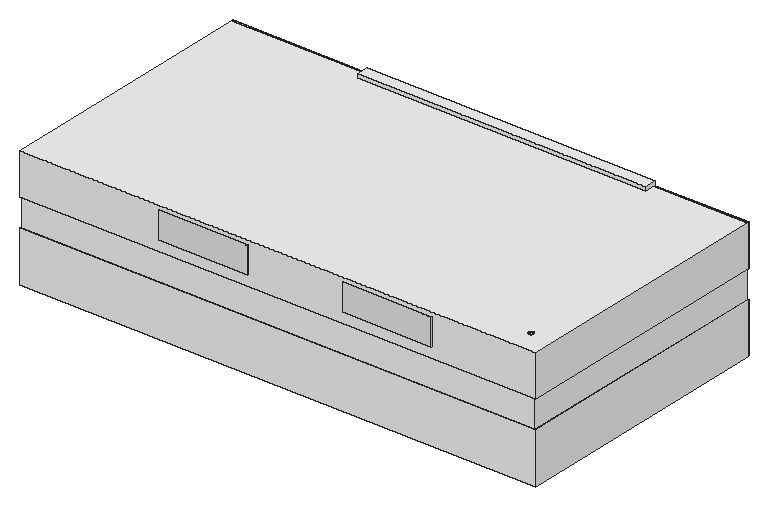
Revit family "BLAUBERG-CIVIC_EC_DB_1000", category Mechanical Equipment, Revit 2019
Family settings
  Round Connector Dimension = Use Diameter
  Classification = None
  Part Type = Normal
  OmniClass Number = 23.75.35.14
  OmniClass Title = Air Handling Units
  Work Plane-Based = No
  Always vertical = Yes
  Cut with Voids When Loaded = No
  Shared = No
  Room Calculation Point = No
Parameters (values of type "CIVIC EC DB 1000 S21")
  osW = 658 mm
  osH = 168 mm
  osBack = 408 mm
  ofW = 400 mm
  ofRightCenter = ofRight + ofW / 2  # 670 mm
  ofRight = 470 mm
  ofLeftCenter = ofLeft + ofW / 2  # 828 mm
  ofLeft = 628 mm
  ofH = 120 mm
  dW = 5 mm  # constant formula
  dL = 5 mm  # constant formula
  Weight = 267.00 kg
  WRightPart = 423 mm
  WLeftPart = 603 mm
  W2 = 1764 mm
  W1 = 194 mm
  W = 2327 mm
  Voltage = 400 V
  URL = "https://blaubergventilatoren.de/en/product/civic-ec-db-1000-s21"
  Type Comments = "Single-room ventilation unit  CIVIC EC DB 1000 S21"
  Transported Air Temperature (°C) = "–25 …+40"
  Supply Air Filter = "G4x2 + (option: F7 x 2)"
  Sound Pressure Level at 3 m (dBA) = 25
  Sound Pressure Level at 1 m (dBA) = 35
  SEC Class = "A+"
  Reheater power = 0 W
  RPM (min-1) = 2070
  Preheater power = 0 W
  Power Factor = 1
  Power = Maximum Unit Power Without Electric Heater + Preheater power + Reheater power  # 260 W
  Number of Poles = 3
  Model = "CIVIC EC DB 1000 S21"
  Maximum Unit Power Without Electric Heater = 260 W
  Maximum Unit Current Without Electric Heater = 1.85 A
  Maximum Unit Current With Electric Heater = 1.85 A
  Maximum Air Flow = 1000 m³/h
  Manufacturer = "Blauberg"
  Maintenance Zone Material = Maintenance Zone
  Maintenance Zone Height = 600 mm
  Maintenance Zone [instance] = no
  Load Classification = HVAC
  L1 = 1242 mm
  L = 1202 mm
  Ht = 188 mm
  Heat recovery efficiency (%) = "83..93"
  Heat Exchanger Type = "counter-flow"
  Hc = H - Ht - Hb  # 125 mm
  Hb = 229 mm
  H2 = 219 mm
  H1 = 559 mm
  H = 542 mm
  Grid Material = Grid Cross
  Family Version = "1.0"  # constant formula
  Extract Air Filter = "G4x2"
  Duct Connection Diameter = 315 mm
  Drain Flow [instance] = 0.0 L/s
  Drain Connection Diameter = 8 mm
  Description = "Single-room ventilation unit"
  D1 = 312 mm
  Current = Maximum Unit Current With Electric Heater  # 1.85 A
  Copyright = "©Blauberg"
  Casing Material = Painted Steel White
  Apparent Power [instance] = Power / Power Factor  # 260 VA
  Air Flow [instance] = 0 m³/h
  Air Direction Symbol [instance] = yes
Types (3, lengths in mm): name | Weight | URL | Type Comments | Reheater power | Preheater power | Power | Model | Maximum Unit Current With Electric Heater | Current | Apparent Power
  CIVIC EC DB 1000 S21 | 267.00 kg | "https://blaubergventilatoren.de/en/product/civic-ec-db-1000-s21" | "Single-room ventilation unit  CIVIC EC DB 1000 S21" | 0 W | 0 W | 260 W | "CIVIC EC DB 1000 S21" | 1.85 A | 1.85 A | 260 VA
  CIVIC EC DBE 1000 S21 | 271.00 kg | "https://blaubergventilatoren.de/en/product/civic-ec-dbe-1000-s21" | "Single-room ventilation unit  CIVIC EC DBE 1000 S21" | 0 W | 6300 W | 6560 W | "CIVIC EC DBE 1000 S21" | 11.2 A | 11.2 A | 6560 VA
  CIVIC EC DBE2 1000 S21 | 275.00 kg | "https://blaubergventilatoren.de/en/product/civic-ec-dbe2-1000-s21" | "Single-room ventilation unit  CIVIC EC DBE2 1000 S21" | 6300 W | 6300 W | 12860 W | "CIVIC EC DBE2 1000 S21" | 20.5 A | 20.5 A | 12860 VA
Reference planes
  plane 1 "Center (Front/Back)": y = 0
  plane 2: z = 0
  plane 3 "Center (Left/Right)": x = 0
  plane 4: x = -1158.5
  plane 5: x = 1163.5
  plane 6 "Front": y = -1202
  plane 7 "SideLeft": x = -1163.5
  plane 8 "SideOpeningRight": x = 1158.5
  plane 9: y = -5
  plane 10: y = -1197
  plane 11: z = 229
  plane 12: z = 354
  plane 13: z = 559
  plane 14: y = -601
  plane 15 "DuctConLeft": x = -794.5
  plane 16 "DuctConRight": x = 969.5
  plane 17: y = 40
  plane 18 "DuctConHeight": z = 323
  plane 19: z = -600
  plane 20 "FrontGrillCenterHeight": z = 462
  plane 21: z = 402
  plane 22: z = 522
  plane 23: x = -535.5
  plane 24: x = -135.5
  plane 25: z = 364
  plane 26: z = 532
  plane 27: y = -408
  plane 28: y = -1066
  plane 29 "DrainConSide": x = 723.5
  plane 30 "DrainConHeight": z = 54
  plane 31 "Top": z = 542
  plane 32: y = -50
  plane 33: x = 293.5
  plane 34: x = 693.5
  plane 35 "SideGrillCenterHeight": z = 448
  plane 36 "LeftSection": x = -560.5
  plane 37 "RightSection": x = 740.5
  plane 38 "ElecticConW": x = 1063.5
  plane 39 "ElecticConL": y = -1102
Forms (mm)
  Extrusion 1, solid, material "Painted Steel White" <- "Casing Material", detail levels medium+fine
    sketch origin (0, 0, 0) x (1, 0, 0) y (0, 1, 0)
      loop
        line (-1163.5, -5) -> (-1163.5, -1202) -> (1163.5, -1202) -> (1163.5, -5) -> (-1163.5, -5)
    from 0 to 229
  Extrusion 2, solid, material "Painted Steel White" <- "Casing Material", detail levels medium+fine
    sketch origin (0, 0, 0) x (1, 0, 0) y (0, 1, 0)
      loop
        line (-1163.5, -5) -> (-1163.5, -1202) -> (1163.5, -1202) -> (1163.5, -5) -> (-1163.5, -5)
    from 354 to 542
  Extrusion 3, solid, material "Painted Steel White" <- "Casing Material", detail levels medium+fine
    sketch origin (0, 0, 0) x (1, 0, 0) y (0, 1, 0)
      loop
        line (-1158.5, -5) -> (-1158.5, -1197) -> (1158.5, -1197) -> (1158.5, -5) -> (-1158.5, -5)
    from 229 to 354
  Extrusion 4, solid, material "Grid Cross" <- "Grid Material", detail levels medium+fine
    sketch origin (0, -1202, 0) x (-1, 0, 0) y (0, 0, 1)
      loop
        line (535.5, 402) -> (535.5, 522) -> (135.5, 522) -> (135.5, 402) -> (535.5, 402)
      loop
        line (-293.5, 402) -> (-293.5, 522) -> (-693.5, 522) -> (-693.5, 402) -> (-293.5, 402)
    from 0 to -1
  Extrusion 5, solid, material "Grid Cross" <- "Grid Material", detail levels medium+fine
    sketch origin (-1163.5, 0, 0) x (0, 1, 0) y (0, 0, 1)
      loop
        line (-408, 364) -> (-408, 532) -> (-1066, 532) -> (-1066, 364) -> (-408, 364)
    from 0 to -1
  Extrusion 6, solid, material "Painted Steel White" <- "Casing Material", detail levels medium+fine
    sketch origin (0, 0, 0) x (1, 0, 0) y (0, 0, 1)
      loop
        circle (-794.5, 323) r 156
      loop
        circle (969.5, 323) r 156
    from 0 to -40
  Extrusion 7, solid, material "Painted Steel White" <- "Casing Material", detail levels medium+fine
    sketch origin (0, 0, 0) x (1, 0, 0) y (0, 0, 1)
      loop
        line (-1163.5, 542) -> (-1163.5, 354) -> (-1158.5, 354) -> (-1158.5, 229) -> (-1163.5, 229) -> (-1163.5, 0) -> (1163.5, 0) -> (1163.5, 229) -> (1158.5, 229) -> (1158.5, 354) -> (1163.5, 354) -> (1163.5, 542) -> (740.5, 542) -> (740.5, 559) -> (-560.5, 559) -> (-560.5, 542) -> (-1163.5, 542)
    from 0 to 5
  Extrusion 8, solid, material "Maintenance Zone" <- "Maintenance Zone Material", visible <- "Maintenance Zone", detail levels medium+fine
    sketch origin (0, 0, 0) x (1, 0, 0) y (0, 1, 0)
      loop
        line (-1163.5, 0) -> (-1163.5, -1202) -> (1163.5, -1202) -> (1163.5, 0) -> (-1163.5, 0)
    from 0 to -600
  Extrusion 9, solid, material "Painted Steel White" <- "Casing Material", detail levels medium+fine
    sketch origin (0, 0, 0) x (1, 0, 0) y (0, 0, 1)
      loop
        circle (723.5, 54) r 4
    from 0 to 5
  Extrusion 10, solid, material "Painted Steel White" <- "Casing Material", detail levels medium+fine
    sketch origin (-1158.5, 0, 0) x (0, 1, 0) y (0, 0, 1)
      loop
        line (-5, 559) -> (-50, 559) -> (-50, 542) -> (-5, 542) -> (-5, 559)
    from 598 to 1899
  Extrusion 11, solid, material "Painted Steel White" <- "Casing Material", detail levels medium+fine
    sketch origin (0, 0, 542) x (-1, 0, 0) y (0, -1, 0)
      loop
        circle (-1063.5, 1102) r 10
    from 0 to -5
Cuts and joins
  joined: Extrusion 7, Extrusion 10
Lines and regions (mm)
  model lines, detail levels coarse
    curve 1: line (-1163.5, 0, 323) -> (1163.5, 0, 323)
    curve 2: line (-1163.5, -1202, 323) -> (-1163.5, 0, 323)
    curve 3: line (1163.5, -1202, 323) -> (-1163.5, -1202, 323)
    curve 4: line (1163.5, 0, 323) -> (1163.5, -1202, 323)
    curve 5: line (-794.5, 40, 323) -> (-794.5, 0, 323)
    curve 6: line (969.5, 40, 323) -> (969.5, 0, 323)
Dimensions and locks
  "dL": plane 9 to plane 1 "Center (Front/Back)"
  "dL": plane 10 to plane 6 "Front"
  "dW": plane 7 "SideLeft" to plane 4
  "dW": plane 8 "SideOpeningRight" to plane 5
  "L": plane 6 "Front" to plane 1 "Center (Front/Back)"
  "W": plane 7 "SideLeft" to plane 5
  equal spacing: plane 7 "SideLeft", plane 3 "Center (Left/Right)", plane 5
  "Hb": plane 11 to level
  "H1": plane 13 to plane 2
  "Hc": plane 12 to plane 11
  equal spacing: plane 1 "Center (Front/Back)", plane 14, plane 6 "Front"
  "W2": plane 15 "DuctConLeft" to plane 16 "DuctConRight"
  "L1": plane 17 to plane 6 "Front"
  "H2": plane 31 "Top" to plane 18 "DuctConHeight"
  "Maintenance Zone Height": plane 19 to level
  "ofW": plane 24 to plane 23
  "ofH": plane 22 to plane 21
  equal spacing: plane 22, plane 20 "FrontGrillCenterHeight", plane 21
  "osW": plane 28 to plane 27
  "osBack": plane 27 to plane 1 "Center (Front/Back)"
  locked: level to plane 30 "DrainConHeight" at 54
  "H": plane 31 "Top" to plane 2
  locked: plane 1 "Center (Front/Back)" to plane 32 at 50
  "W1": plane 16 "DuctConRight" to plane 5
  locked: plane 31 "Top" to plane 20 "FrontGrillCenterHeight" at 80
  "ofW": plane 34 to plane 33
  "ofRight": plane 5 to plane 34
  plane 24 to plane 23 = 400 mm
  plane 34 to plane 33 = 400 mm
  "ofLeftCenter": plane 7 "SideLeft" to nested 1
  "ofRightCenter": nested 2 to plane 5
  "ofLeftCenter": plane 7 "SideLeft" to nested 3
  "ofRightCenter": nested 4 to plane 5
  equal spacing: plane 31 "Top", plane 35 "SideGrillCenterHeight", plane 12
  equal spacing: plane 26, plane 35 "SideGrillCenterHeight", plane 25
  "osH": plane 26 to plane 25
  locked: plane 5 to plane 29 "DrainConSide" at 440
  "WLeftPart": plane 7 "SideLeft" to plane 36 "LeftSection"
  "WRightPart": plane 37 "RightSection" to plane 5
  locked: plane 39 "ElecticConL" to plane 6 "Front" at 100
  locked: plane 38 "ElecticConW" to plane 5 at 100
  "D1": diameter of Extrusion 6 sketch curve  (x2)
  "Drain Connection Diameter": diameter of Extrusion 9 sketch curve
  aligned and locked: level to plane 2
  aligned and locked: plane 7 "SideLeft" to Extrusion 1 sketch curve
  aligned and locked: plane 6 "Front" to Extrusion 1 sketch curve
  aligned and locked: Extrusion 1 sketch curve to plane 5
  aligned and locked: plane 11 to Extrusion 1
  aligned and locked: plane 7 "SideLeft" to Extrusion 2 sketch curve
  aligned and locked: plane 6 "Front" to Extrusion 2 sketch curve
  aligned and locked: Extrusion 2 sketch curve to plane 5
  aligned and locked: Extrusion 2 to plane 12
  aligned and locked: Extrusion 3 sketch curve to plane 9
  aligned and locked: plane 4 to Extrusion 3 sketch curve
  aligned and locked: plane 10 to Extrusion 3 sketch curve
  aligned and locked: Extrusion 3 sketch curve to plane 8 "SideOpeningRight"
  aligned and locked: Extrusion 3 to plane 11
  aligned and locked: plane 12 to Extrusion 3
  aligned and locked: plane 17 to Extrusion 6
  aligned and locked: Extrusion 2 sketch curve to plane 9
  aligned and locked: Extrusion 1 sketch curve to plane 9
  aligned and locked: Extrusion 7 to plane 9
  aligned and locked: Extrusion 8 sketch curve to Extrusion 7  (x2)
  aligned and locked: Extrusion 8 sketch curve to Extrusion 1  (x2)
  aligned and locked: Extrusion 8 to plane 19
  aligned and locked: curve 2 to Extrusion 8
  aligned and locked: curve 3 to Extrusion 1
  aligned and locked: curve 4 to Extrusion 8
  aligned and locked: plane 1 "Center (Front/Back)" to curve 5
  aligned and locked: plane 17 to curve 5
  aligned and locked: curve 5 to plane 15 "DuctConLeft"
  aligned and locked: plane 1 "Center (Front/Back)" to curve 6
  aligned and locked: plane 17 to curve 6
  aligned and locked: curve 6 to plane 16 "DuctConRight"
  aligned and locked: plane 25 to Extrusion 5 sketch curve
  aligned and locked: Extrusion 5 sketch curve to plane 26
  aligned and locked: plane 27 to Extrusion 5 sketch curve
  aligned and locked: plane 28 to Extrusion 5 sketch curve
  aligned and locked: plane 23 to Extrusion 4 sketch curve
  aligned and locked: nested 1 to plane 6 "Front"
  aligned and locked: plane 31 "Top" to Extrusion 2
  aligned and locked: Extrusion 10 sketch curve to plane 32
  aligned and locked: plane 31 "Top" to Extrusion 10 sketch curve
  aligned and locked: Extrusion 10 sketch curve to plane 13
  aligned and locked: Extrusion 10 sketch curve to plane 9
  aligned and locked: plane 33 to Extrusion 4 sketch curve
  aligned and locked: Extrusion 4 sketch curve to plane 22
  aligned and locked: Extrusion 4 sketch curve to plane 21
  aligned and locked: plane 34 to Extrusion 4 sketch curve
  aligned and locked: nested 3 to plane 6 "Front"
  aligned and locked: nested 4 to plane 6 "Front"
  aligned and locked: nested 5 to plane 7 "SideLeft"
  aligned and locked: nested 5 to plane 14
  aligned and locked: nested 6 to plane 7 "SideLeft"
  aligned and locked: nested 6 to plane 14
  aligned and locked: plane 37 "RightSection" to cut or joined group of Extrusion 7, Extrusion 10
  aligned and locked: cut or joined group of Extrusion 7, Extrusion 10 to plane 36 "LeftSection"
Automatic sketch dimensions
  Extrusion 7 sketch curve to plane 7 "SideLeft" = 0 mm  (x2)
  Extrusion 7 sketch curve to level = 0 mm
  Extrusion 7 sketch curve to plane 4 = 0 mm
  Extrusion 7 sketch curve to plane 31 "Top" = 0 mm  (x2)
  Extrusion 7 sketch curve to plane 36 "LeftSection" = 0 mm
  Extrusion 7 sketch curve to plane 37 "RightSection" = 0 mm
  Extrusion 7 sketch curve to plane 8 "SideOpeningRight" = 0 mm
  Extrusion 7 sketch curve to plane 5 = 0 mm  (x2)
  Extrusion 7 sketch curve to plane 11 = 0 mm  (x2)
  Extrusion 7 sketch curve to plane 12 = 0 mm  (x2)
  Extrusion 7 sketch curve to plane 13 = 0 mm
  Extrusion 11 sketch curve to plane 38 "ElecticConW" = 0 mm
  Extrusion 11 sketch curve to plane 39 "ElecticConL" = 0 mm
  Extrusion 4 sketch curve to plane 21 = 0 mm
  Extrusion 4 sketch curve to plane 24 = 0 mm
  Extrusion 4 sketch curve to plane 22 = 0 mm
  Extrusion 6 sketch curve to plane 15 "DuctConLeft" = 0 mm
  Extrusion 6 sketch curve to plane 16 "DuctConRight" = 0 mm
  Extrusion 6 sketch curve to plane 18 "DuctConHeight" = 0 mm  (x2)
  Extrusion 9 sketch curve to plane 29 "DrainConSide" = 0 mm
  Extrusion 9 sketch curve to plane 30 "DrainConHeight" = 0 mm
  radius of Extrusion 11 sketch curve = 10 mm
Nested families
  nested 1: "GraphicalSymbol_AirDirection_Supply" at (-335.5, -1202, 323), type "GraphicalSymbol_AirDirection_Supply", detail levels coarse
  nested 2: "GraphicalSymbol_AirDirection_Supply" at (493.5, -1202, 323), type "GraphicalSymbol_AirDirection_Supply", detail levels coarse
  nested 3: "GraphicalSymbol_AirDirection_Supply" at (-335.5, -1202, 462), visible <- "Air Direction Symbol", type "GraphicalSymbol_AirDirection_Supply", detail levels medium+fine
  nested 4: "GraphicalSymbol_AirDirection_Supply" at (493.5, -1202, 462), visible <- "Air Direction Symbol", type "GraphicalSymbol_AirDirection_Supply", detail levels medium+fine
  nested 5: "GraphicalSymbol_AirDirection_Return" at (-1163.5, -601, 323) x (0, -1, 0) z (0, 0, 1), type "GraphicalSymbol_AirDirection_Return", detail levels coarse
  nested 6: "GraphicalSymbol_AirDirection_Return" at (-1163.5, -601, 448) x (0, -1, 0) z (0, 0, 1), visible <- "Air Direction Symbol", type "GraphicalSymbol_AirDirection_Return", detail levels medium+fine
Connectors
  hvac at (-794.5, 40, 323), driven by "Duct Connection Diameter", driven by "Air Flow"
    settings: on Extrusion 6, index 1, duct flow 0 m³/h, flow factor 1, pres drop 0.0 Pa, loss coef 0, conn angle 0.00°, conn width 304.8 mm, conn height 304.8 mm, conn diameter 315 mm, duct sys type 3, conn prof type 0, flow config 1, flow direction 2, loss method 0, conn ref index -1, conn util no, is conn primary yes, conn desc "Exhaust air"
  hvac at (969.5, 40, 323), driven by "Duct Connection Diameter", driven by "Air Flow"
    settings: on Extrusion 6, index 2, duct flow 0 m³/h, flow factor 1, pres drop 0.0 Pa, loss coef 0, conn angle 0.00°, conn width 304.8 mm, conn height 304.8 mm, conn diameter 315 mm, duct sys type 1, conn prof type 0, flow config 1, flow direction 1, loss method 0, conn ref index -1, conn util no, is conn primary no, conn desc "Intake air"
  piping at (723.5, 0, 54), diameter 8, driven by "Drain Connection Diameter", driven by "Drain Flow"
    settings: on Extrusion 9, index 4, connector inside diameter 609.6 mm, connector length 0 mm, flow factor 0, pipe flow 0.0 L/s, pressure drop 0.0 Pa, fitting loss kfactor 0, connector angle 0.00°, fixture units 0, engagement length 0 mm, angle of deflection 0.00°, flow configuration 1, flow direction 2, fitting loss method 0, system type 16, joint type 0, gender type 0, connector reference index -1, connector utility 0, adjustable connector no, is connector primary yes, connector description ""
  electrical at (1063.5, -1102, 542), driven by "Number of Poles", driven by "Load Classification", driven by "Voltage", driven by "Apparent Power", driven by "Power Factor"
    settings: on Extrusion 11, index 5, voltage 400 V, apparent load 260 VA, apparent load phase1 0 VA, apparent load phase2 0 VA, apparent load phase3 0 VA, power factor 1, load classification "HVAC", number of poles 3, system type 30, power factor state 1, is connector primary yes, connector utility no, sub classification motor no, connector description ""
Definition of nested family "GraphicalSymbol_AirDirection_Supply"
  Parameters (values of type "GraphicalSymbol_AirDirection_Supply")
    DistanceFromOrigin = 30 mm
    Default Elevation = 1219.2 mm
    W = 1.2 * L  # 60 mm
    L = 50 mm
  Reference planes
    plane 1 "Center (Front/Back)": y = 0
    plane 2: z = 0
    plane 3 "Center (Left/Right)": x = 0
    plane 4: y = -30
    plane 5: y = -80
    plane 6: x = -30
    plane 7: x = 30
  Lines and regions (mm)
    model lines
      curve 1: line (-30, -30, 0) -> (30, -30, 0)
      curve 2: line (30, -30, 0) -> (0, -80, 0)
      curve 3: line (0, -80, 0) -> (-30, -30, 0)
  Dimensions and locks
    equal spacing: plane 6, plane 3 "Center (Left/Right)", plane 7
    "DistanceFromOrigin": plane 4 to plane 1 "Center (Front/Back)"
    "L": plane 4 to plane 5
    "W": plane 6 to plane 7
    aligned and locked: level to plane 2
  Automatic sketch dimensions
    curve 3 to plane 6 = 0 mm
    curve 1 to plane 4 = 0 mm
    curve 2 to plane 3 "Center (Left/Right)" = 0 mm
    curve 2 to plane 7 = 0 mm
    curve 2 to plane 5 = 0 mm
Definition of nested family "GraphicalSymbol_AirDirection_Return"
  Parameters (values of type "GraphicalSymbol_AirDirection_Return")
    DistanceFromOrigin = 30 mm
    Default Elevation = 1219.2 mm
    W = 1.2 * L  # 60 mm
    L = 50 mm
  Reference planes
    plane 1 "Center (Front/Back)": y = 0
    plane 2: z = 0
    plane 3 "Center (Left/Right)": x = 0
    plane 4: y = -30
    plane 5: y = -80
    plane 6: x = -30
    plane 7: x = 30
  Lines and regions (mm)
    model lines
      curve 1: line (-30, -80, 0) -> (30, -80, 0)
      curve 2: line (30, -80, 0) -> (0, -30, 0)
      curve 3: line (0, -30, 0) -> (-30, -80, 0)
  Dimensions and locks
    equal spacing: plane 6, plane 3 "Center (Left/Right)", plane 7
    "DistanceFromOrigin": plane 4 to plane 1 "Center (Front/Back)"
    "L": plane 4 to plane 5
    "W": plane 6 to plane 7
    aligned and locked: level to plane 2
  Automatic sketch dimensions
    curve 1 to plane 5 = 0 mm
    curve 1 to plane 6 = 0 mm
    curve 3 to plane 3 "Center (Left/Right)" = 0 mm
    curve 2 to plane 7 = 0 mm
    curve 2 to plane 4 = 0 mm
